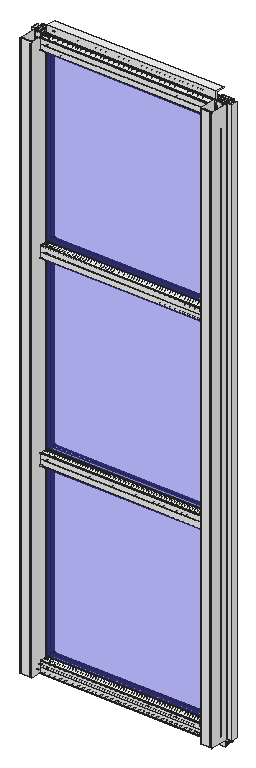
Revit family "Facade_60_Curtain_Wall_E13_Custom", category Windows, host Wall, Revit 2014 (continued)
Definition of nested family "F60 Horizontal Profile Middle_E13_Cust"
  Forms (mm)
    Extrusion 4, solid, material <- "Profile Material"
      sketch origin (0, 0, 0) x (0, 1, 0) y (0, 0, 1)
        loop
          arc (-58.5, 34.751) -> (-59.066, 34.516) -> (-59.3, 33.951) r 0.8
          line (-59.3, 33.951) -> (-59.3, 32.902) -> (-42.8, 32.902) -> (-42.8, 27.1) -> (-59.3, 27.1) -> (-59.3, 26.049)
          arc (-59.3, 26.049) -> (-59.066, 25.484) -> (-58.5, 25.249) r 0.8
      from 0 to 250 <- "Length"
    Extrusion 5, solid, material <- "Thermal Break Material", visible <- "Single Glazing"
      sketch origin (0, 0, 0) x (0, 1, 0) y (0, 0, 1)
        loop
          arc (-63.8, 25.751) -> (-63.654, 25.397) -> (-63.3, 25.251) r 0.5
          line (-63.3, 25.251) -> (-59.8, 25.251)
          arc (-59.8, 25.251) -> (-59.446, 25.397) -> (-59.3, 25.751) r 0.5
          line (-59.3, 25.751) -> (-59.3, 27.648) -> (-49.599, 27.648) -> (-47.528, 28.651)
          arc (-47.528, 28.651) -> (-46.803, 30.001) -> (-47.528, 31.351) r 1.62
          line (-47.528, 31.351) -> (-49.599, 32.353) -> (-59.3, 32.353) -> (-59.3, 34.251)
          arc (-59.3, 34.251) -> (-59.446, 34.604) -> (-59.8, 34.751) r 0.5
          line (-59.8, 34.751) -> (-63.3, 34.751)
          arc (-63.3, 34.751) -> (-63.654, 34.604) -> (-63.8, 34.251) r 0.5
          line (-63.8, 34.251) -> (-63.8, 32.328) -> (-62.4, 31.52) -> (-62.4, 28.483) -> (-63.8, 27.673) -> (-63.8, 25.751)
        loop
          line (-59.794, 28.506) -> (-59.006, 29.294)
          arc (-59.006, 29.294) -> (-58.788, 29.618) -> (-58.713, 30.001) r 0.986
          arc (-58.713, 30.001) -> (-58.79, 30.384) -> (-59.008, 30.71) r 1.007
          line (-59.008, 30.71) -> (-59.794, 31.496) -> (-60.65, 31.496)
          arc (-60.65, 31.496) -> (-61.004, 31.349) -> (-61.15, 30.996) r 0.5
          line (-61.15, 30.996) -> (-61.15, 29.006)
          arc (-61.15, 29.006) -> (-61.004, 28.652) -> (-60.65, 28.506) r 0.5
          line (-60.65, 28.506) -> (-59.794, 28.506)
        loop
          line (-47.854, 30.898) -> (-49.415, 31.653) -> (-56.782, 31.653)
          arc (-56.782, 31.653) -> (-57.207, 31.417) -> (-57.23, 30.932) r 0.5
          arc (-57.23, 30.932) -> (-57.013, 30.001) -> (-57.23, 29.07) r 2.099
          arc (-57.23, 29.07) -> (-57.207, 28.584) -> (-56.782, 28.348) r 0.5
          line (-56.782, 28.348) -> (-49.415, 28.348) -> (-48.055, 29.007)
          arc (-48.055, 29.007) -> (-47.35, 29.888) -> (-47.854, 30.898) r 1.047
      from 0 to 250 <- "Length"
    Extrusion 6, solid, material <- "Profile Material", visible <- "Single Glazing"
      sketch origin (0, 0, 0) x (0, 1, 0) y (0, 0, 1)
        loop
          line (-63.8, 52.694) -> (-64.8, 52.694) -> (-64.8, 51.544) -> (-66.05, 51.544) -> (-66.05, 57.044) -> (-64.8, 57.044) -> (-64.8, 55.894) -> (-63.8, 55.894) -> (-63.8, 58.294)
          arc (-63.8, 58.294) -> (-64.082, 58.803) -> (-64.664, 58.835) r 0.6
          line (-64.664, 58.835) -> (-66.562, 57.91) -> (-67.088, 58.988) -> (-68.05, 58.519) -> (-68.05, 48.513)
          arc (-68.05, 48.513) -> (-67.874, 48.089) -> (-67.45, 47.913) r 0.6
          line (-67.45, 47.913) -> (-66.6, 47.913) -> (-66.6, 12.09) -> (-67.45, 12.09)
          arc (-67.45, 12.09) -> (-67.874, 11.914) -> (-68.05, 11.49) r 0.6
          line (-68.05, 11.49) -> (-68.05, 1.485) -> (-67.088, 1.016) -> (-66.562, 2.095) -> (-64.663, 1.169)
          arc (-64.663, 1.169) -> (-64.082, 1.2) -> (-63.8, 1.709) r 0.6
          line (-63.8, 1.709) -> (-63.8, 4.109) -> (-64.8, 4.109) -> (-64.8, 2.959) -> (-66.05, 2.959) -> (-66.05, 8.459) -> (-64.8, 8.459) -> (-64.8, 7.309) -> (-63.8, 7.309) -> (-63.8, 27.674) -> (-62.4, 28.483) -> (-62.4, 31.521) -> (-63.8, 32.329) -> (-63.8, 52.694)
      from 0 to 250 <- "Length"
    Extrusion 7, solid, material <- "Profile Material", visible <- "Single Glazing"
      sketch origin (0, 0, 0) x (0, 1, 0) y (0, 0, 1)
        loop
          line (-68.551, 3.3) -> (-76.559, 3.3) -> (-76.559, 30) -> (-76.559, 56.15)
          arc (-76.559, 56.15) -> (-75.739, 58.13) -> (-73.759, 58.95) r 2.8
          line (-73.759, 58.95) -> (-69.151, 58.95) -> (-69.151, 57.2)
          arc (-69.151, 57.2) -> (-68.987, 56.829) -> (-68.601, 56.703) r 0.5
          arc (-68.601, 56.703) -> (-68.216, 56.829) -> (-68.051, 57.2) r 0.5
          line (-68.051, 57.2) -> (-68.051, 58.517) -> (-67.089, 58.986) -> (-66.563, 57.907) -> (-63.866, 59.222)
          arc (-63.866, 59.222) -> (-64.001, 59.762) -> (-64.504, 60) r 0.65
          line (-64.504, 60) -> (-73.859, 60)
          arc (-73.859, 60) -> (-76.687, 58.828) -> (-77.859, 56) r 4
          line (-77.859, 56) -> (-77.859, 30) -> (-77.859, 2.493)
          arc (-77.859, 2.493) -> (-77.197, 0.799) -> (-75.562, 0.002) r 2.5
          arc (-75.562, 0.002) -> (-75.182, 0.132) -> (-75.021, 0.5) r 0.5
          line (-75.021, 0.5) -> (-75.021, 2) -> (-69.151, 2) -> (-69.151, 0.5)
          arc (-69.151, 0.5) -> (-69.005, 0.146) -> (-68.651, 0) r 0.5
          line (-68.651, 0) -> (-64.504, 0)
          arc (-64.504, 0) -> (-64.001, 0.238) -> (-63.866, 0.778) r 0.65
          line (-63.866, 0.778) -> (-66.563, 2.093) -> (-67.089, 1.014) -> (-68.051, 1.483) -> (-68.051, 2.8)
          arc (-68.051, 2.8) -> (-68.198, 3.154) -> (-68.551, 3.3) r 0.5
      from 0 to 250 <- "Length"
    Extrusion 8, solid, material <- "Thermal Break Material", visible <- "Double Glazing"
      sketch origin (0, 0, 0) x (0, 1, 0) y (0, 0, 1)
        loop
          line (-77.8, 27.673) -> (-77.8, 25.751)
          arc (-77.8, 25.751) -> (-77.654, 25.397) -> (-77.3, 25.251) r 0.5
          line (-77.3, 25.251) -> (-59.8, 25.251)
          arc (-59.8, 25.251) -> (-59.446, 25.397) -> (-59.3, 25.751) r 0.5
          line (-59.3, 25.751) -> (-59.3, 27.647) -> (-49.599, 27.647) -> (-47.528, 28.649)
          arc (-47.528, 28.649) -> (-46.803, 29.999) -> (-47.528, 31.349) r 1.62
          line (-47.528, 31.349) -> (-49.602, 32.353) -> (-59.3, 32.353) -> (-59.3, 34.251)
          arc (-59.3, 34.251) -> (-59.446, 34.604) -> (-59.8, 34.751) r 0.5
          line (-59.8, 34.751) -> (-77.3, 34.751)
          arc (-77.3, 34.751) -> (-77.654, 34.604) -> (-77.8, 34.251) r 0.5
          line (-77.8, 34.251) -> (-77.8, 32.327) -> (-76.4, 31.52) -> (-76.4, 28.482) -> (-77.8, 27.673)
        loop
          line (-59.006, 30.708) -> (-61.156, 32.858)
          arc (-61.156, 32.858) -> (-61.48, 33.074) -> (-61.863, 33.151) r 1
          line (-61.863, 33.151) -> (-73.8, 33.151)
          arc (-73.8, 33.151) -> (-74.507, 32.858) -> (-74.8, 32.151) r 1
          line (-74.8, 32.151) -> (-74.8, 27.851)
          arc (-74.8, 27.851) -> (-74.507, 27.144) -> (-73.8, 26.851) r 1
          line (-73.8, 26.851) -> (-61.863, 26.851)
          arc (-61.863, 26.851) -> (-61.48, 26.927) -> (-61.156, 27.144) r 1
          line (-61.156, 27.144) -> (-59.006, 29.294)
          arc (-59.006, 29.294) -> (-58.788, 29.618) -> (-58.713, 30.001) r 0.986
          arc (-58.713, 30.001) -> (-58.79, 30.383) -> (-59.006, 30.708) r 1.007
        loop
          line (-56.782, 28.347) -> (-49.415, 28.347) -> (-48.055, 29.005)
          arc (-48.055, 29.005) -> (-47.35, 29.887) -> (-47.854, 30.896) r 1.047
          line (-47.854, 30.896) -> (-49.415, 31.652) -> (-56.782, 31.652)
          arc (-56.782, 31.652) -> (-57.207, 31.416) -> (-57.23, 30.93) r 0.5
          arc (-57.23, 30.93) -> (-57.013, 29.999) -> (-57.23, 29.068) r 2.099
          arc (-57.23, 29.068) -> (-57.207, 28.583) -> (-56.782, 28.347) r 0.5
      from 0 to 250 <- "Length"
    Extrusion 9, solid, material <- "Profile Material", visible <- "Double Glazing"
      sketch origin (0, 0, 0) x (0, 1, 0) y (0, 0, 1)
        loop
          line (-77.8, 52.694) -> (-78.8, 52.694) -> (-78.8, 51.544) -> (-80.05, 51.544) -> (-80.05, 57.044) -> (-78.8, 57.044) -> (-78.8, 55.894) -> (-77.8, 55.894) -> (-77.8, 58.294)
          arc (-77.8, 58.294) -> (-78.082, 58.802) -> (-78.664, 58.834) r 0.6
          line (-78.664, 58.834) -> (-80.562, 57.909) -> (-81.088, 58.988) -> (-82.05, 58.518) -> (-82.05, 48.512)
          arc (-82.05, 48.512) -> (-81.874, 48.088) -> (-81.45, 47.912) r 0.6
          line (-81.45, 47.912) -> (-80.6, 47.912) -> (-80.6, 12.089) -> (-81.45, 12.089)
          arc (-81.45, 12.089) -> (-81.874, 11.913) -> (-82.05, 11.489) r 0.6
          line (-82.05, 11.489) -> (-82.05, 1.484) -> (-81.088, 1.015) -> (-80.562, 2.094) -> (-78.663, 1.169)
          arc (-78.663, 1.169) -> (-78.082, 1.199) -> (-77.8, 1.708) r 0.6
          line (-77.8, 1.708) -> (-77.8, 4.108) -> (-78.8, 4.108) -> (-78.8, 2.958) -> (-80.05, 2.958) -> (-80.05, 8.458) -> (-78.8, 8.458) -> (-78.8, 7.308) -> (-77.8, 7.308) -> (-77.8, 27.673) -> (-76.4, 28.482) -> (-76.4, 31.52) -> (-77.8, 32.328) -> (-77.8, 52.694)
      from 0 to 250 <- "Length"
    Extrusion 10, solid, material <- "Profile Material", visible <- "Double Glazing"
      sketch origin (0, 0, 0) x (0, 1, 0) y (0, 0, 1)
        loop
          line (-82.551, 3.3) -> (-90.558, 3.3) -> (-90.558, 30) -> (-90.558, 56.15)
          arc (-90.558, 56.15) -> (-89.738, 58.13) -> (-87.758, 58.95) r 2.8
          line (-87.758, 58.95) -> (-83.151, 58.95) -> (-83.151, 57.2)
          arc (-83.151, 57.2) -> (-82.986, 56.829) -> (-82.601, 56.703) r 0.5
          arc (-82.601, 56.703) -> (-82.215, 56.829) -> (-82.051, 57.2) r 0.5
          line (-82.051, 57.2) -> (-82.051, 58.517) -> (-81.088, 58.986) -> (-80.563, 57.907) -> (-77.866, 59.222)
          arc (-77.866, 59.222) -> (-78, 59.762) -> (-78.503, 60) r 0.65
          line (-78.503, 60) -> (-87.858, 60)
          arc (-87.858, 60) -> (-90.687, 58.828) -> (-91.858, 56) r 4
          line (-91.858, 56) -> (-91.858, 30) -> (-91.858, 2.493)
          arc (-91.858, 2.493) -> (-91.196, 0.799) -> (-89.561, 0.002) r 2.5
          arc (-89.561, 0.002) -> (-89.182, 0.132) -> (-89.021, 0.5) r 0.5
          line (-89.021, 0.5) -> (-89.021, 2) -> (-83.151, 2) -> (-83.151, 0.5)
          arc (-83.151, 0.5) -> (-83.004, 0.146) -> (-82.651, 0) r 0.5
          line (-82.651, 0) -> (-78.503, 0)
          arc (-78.503, 0) -> (-78, 0.238) -> (-77.866, 0.778) r 0.65
          line (-77.866, 0.778) -> (-80.563, 2.093) -> (-81.088, 1.014) -> (-82.051, 1.483) -> (-82.051, 2.8)
          arc (-82.051, 2.8) -> (-82.197, 3.154) -> (-82.551, 3.3) r 0.5
      from 0 to 250 <- "Length"
  Dimensions and locks
    aligned and locked: level to plane 2
